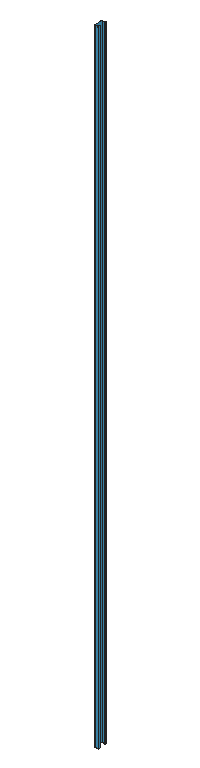
Revit family "GW_GWスタッド t=0.8", category 一般モデル, Revit 2021
Family settings
  鉄筋をホスト可能 = いいえ
  丸型コネクタ寸法 = 直径を使用
  パーツ タイプ = 標準
  作業面ベース = いいえ
  常に垂直 = はい
  ロード時にボイドで切り取り = いいえ
  共有 = いいえ
  部屋計算ポイント = いいえ
Parameters (values of type "GW_GWスタッド t=0.8")
  長さ [instance] = 7000.0 mm
  製造元 = "双日建材株式会社"
  既定の高さ = 0.0 mm
  マテリアル = GWスタッド
  t = 0.8 mm
  H = 100.0 mm
  C = 10.0 mm
  A = 45.0 mm
Reference planes
  plane 1 "中心(正面/背面)": y = 0
  plane 2: z = 0
  plane 3 "中心(左/右)": x = 0
  plane 4: y = 40
  plane 5: y = 50
  plane 6: y = -40
  plane 7: y = -50
  plane 8: y = -49.2
  plane 9: y = 49.2
  plane 10: y = 40.8
  plane 11: y = -40.8
  plane 12: z = 7000
  plane 13: x = 41.5
  plane 14: x = 45
  plane 15: x = 44.2
  plane 16: x = 0.8
Forms (mm)
  Extrusion 1, solid, material "GWスタッド" <- "マテリアル"
    sketch origin (0, 0, 0) x (-1, 0, 0) y (0, -1, 0)
      loop
        line (-41.5, 40) -> (-41.5, 40.8) -> (-44.2, 40.8) -> (-44.2, 49.2) -> (-0.8, 49.2) -> (-0.8, -49.2) -> (-44.2, -49.2) -> (-44.2, -40.8) -> (-41.5, -40.8) -> (-41.5, -40) -> (-45, -40) -> (-45, -50) -> (0, -50) -> (0, 50) -> (-45, 50) -> (-45, 40) -> (-41.5, 40)
    from 0 to 7000
Dimensions and locks
  "H": plane 7 to plane 5
  "C": plane 4 to plane 5
  "C": plane 7 to plane 6
  equal spacing: plane 7, plane 1 "中心(正面/背面)", plane 5
  "t": plane 7 to plane 8
  "t": plane 9 to plane 5
  "長さ": plane 12 to level
  locked: plane 14 to plane 13 at 3.5
  "A": plane 3 "中心(左/右)" to plane 14
  "t": plane 15 to plane 14
  "t": plane 3 "中心(左/右)" to plane 16
  "t": plane 4 to plane 10
  "t": plane 11 to plane 6
  aligned and locked: level to plane 2
  aligned and locked: plane 13 to Extrusion 1 sketch curve  (x2)
  aligned and locked: Extrusion 1 sketch curve to plane 14  (x2)
  aligned and locked: Extrusion 1 to plane 6
  aligned and locked: plane 15 to Extrusion 1 sketch curve
  aligned and locked: plane 10 to Extrusion 1 sketch curve
  aligned and locked: Extrusion 1 sketch curve to plane 4
  aligned and locked: Extrusion 1 sketch curve to plane 15
  aligned and locked: plane 11 to Extrusion 1 sketch curve
  aligned and locked: plane 6 to Extrusion 1 sketch curve
  aligned and locked: plane 8 to Extrusion 1 sketch curve
  aligned and locked: Extrusion 1 sketch curve to plane 7
  aligned and locked: Extrusion 1 sketch curve to plane 16
  aligned and locked: plane 3 "中心(左/右)" to Extrusion 1 sketch curve
  aligned and locked: plane 5 to Extrusion 1 sketch curve
  aligned and locked: Extrusion 1 sketch curve to plane 9
  aligned and locked: plane 12 to Extrusion 1
Automatic sketch dimensions
  Extrusion 1 sketch curve to plane 13 = 0.0 mm
  plane 6 to Extrusion 1 sketch curve = 0.0 mm
